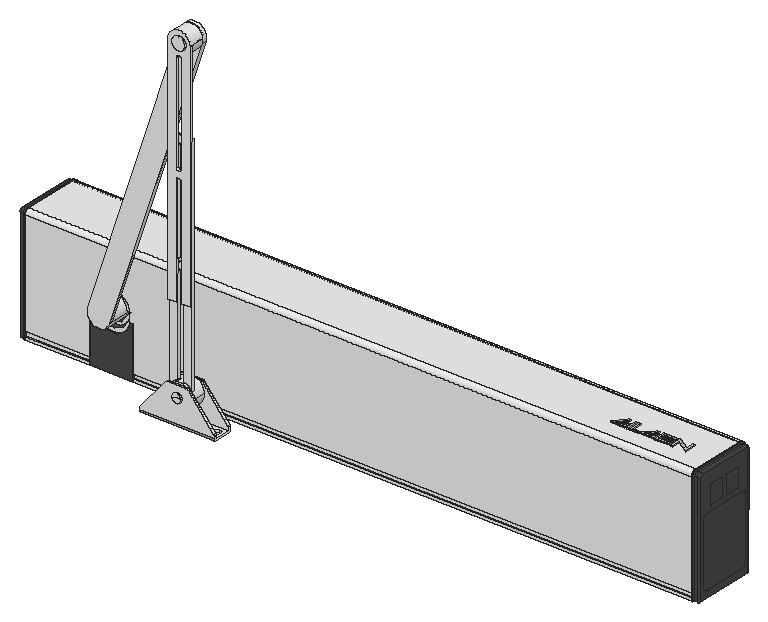
Revit family "Doors_Openers_Gilgen_Swing-Door-Drive-Unit-FD-10 Popravljena", category Generic Models, host Face, Revit 2015
Parameters (values of type "Operator FD10 - Aluminium")
  |_Vt_Dstc [instance] = if(and(Operator Body Placement                                                               I = |_Op_Pl01, or(Operator Rod Types                                                                         I = |_Op_Rd01, Operator Rod Types                                                                         I = |_Op_Rd04), (200 mm - 50 mm - Operator Body Offset) > 140 mm), 140 mm, if(and(Operator Body Placement                                                               I = |_Op_Pl01, Operator Axle Extension                                                                  I = |_Op_Ax06, or(Operator Rod Types                                                                         I = |_Op_Rd01, Operator Rod Types                                                                         I = |_Op_Rd04), (200 mm - 50 mm - Operator Body Offset) < 82 mm), 82 mm, if(and(Operator Body Placement                                                               I = |_Op_Pl01, Operator Axle Extension                                                                  I = |_Op_Ax05, or(Operator Rod Types                                                                         I = |_Op_Rd01, Operator Rod Types                                                                         I = |_Op_Rd04), (200 mm - 50 mm - Operator Body Offset) < 92 mm), 92 mm, if(and(Operator Body Placement                                                               I = |_Op_Pl01, Operator Axle Extension                                                                  I = |_Op_Ax04, or(Operator Rod Types                                                                         I = |_Op_Rd01, Operator Rod Types                                                                         I = |_Op_Rd04), (200 mm - 50 mm - Operator Body Offset) < 102 mm), 102 mm, if(and(Operator Body Placement                                                               I = |_Op_Pl01, Operator Axle Extension                                                                  I = |_Op_Ax03, or(Operator Rod Types                                                                         I = |_Op_Rd01, Operator Rod Types                                                                         I = |_Op_Rd04), (200 mm - 50 mm - Operator Body Offset) < 112 mm), 112 mm, if(and(Operator Body Placement                                                               I = |_Op_Pl01, Operator Axle Extension                                                                  I = |_Op_Ax02, or(Operator Rod Types                                                                         I = |_Op_Rd01, Operator Rod Types                                                                         I = |_Op_Rd04), (200 mm - 50 mm - Operator Body Offset) < 122 mm), 122 mm, if(and(Operator Body Placement                                                               I = |_Op_Pl01, Operator Axle Extension                                                                  I = |_Op_Ax01, or(Operator Rod Types                                                                         I = |_Op_Rd01, Operator Rod Types                                                                         I = |_Op_Rd04), (200 mm - 50 mm - Operator Body Offset) < 132 mm), 132 mm, if(and(Operator Body Placement                                                               I = |_Op_Pl02, or(Operator Rod Types                                                                         I = |_Op_Rd01, Operator Rod Types                                                                         I = |_Op_Rd04), (200 mm + Operator Body Offset) < 210 mm), 210 mm, if(and(Operator Body Placement                                                               I = |_Op_Pl02, Operator Axle Extension                                                                  I = |_Op_Ax01, or(Operator Rod Types                                                                         I = |_Op_Rd01, Operator Rod Types                                                                         I = |_Op_Rd04), (200 mm + Operator Body Offset) > 218 mm), 218 mm, if(and(Operator Body Placement                                                               I = |_Op_Pl02, Operator Axle Extension                                                                  I = |_Op_Ax02, or(Operator Rod Types                                                                         I = |_Op_Rd01, Operator Rod Types                                                                         I = |_Op_Rd04), (200 mm + Operator Body Offset) > 228 mm), 228 mm, if(and(Operator Body Placement                                                               I = |_Op_Pl02, Operator Axle Extension                                                                  I = |_Op_Ax03, or(Operator Rod Types                                                                         I = |_Op_Rd01, Operator Rod Types                                                                         I = |_Op_Rd04), (200 mm + Operator Body Offset) > 238 mm), 238 mm, if(and(Operator Body Placement                                                               I = |_Op_Pl02, Operator Axle Extension                                                                  I = |_Op_Ax04, or(Operator Rod Types                                                                         I = |_Op_Rd01, Operator Rod Types                                                                         I = |_Op_Rd04), (200 mm + Operator Body Offset) > 248 mm), 248 mm, if(and(Operator Body Placement                                                               I = |_Op_Pl02, Operator Axle Extension                                                                  I = |_Op_Ax05, or(Operator Rod Types                                                                         I = |_Op_Rd01, Operator Rod Types                                                                         I = |_Op_Rd04), (200 mm + Operator Body Offset) > 258 mm), 258 mm, if(and(Operator Body Placement                                                               I = |_Op_Pl02, Operator Axle Extension                                                                  I = |_Op_Ax06, or(Operator Rod Types                                                                         I = |_Op_Rd01, Operator Rod Types                                                                         I = |_Op_Rd04), (200 mm + Operator Body Offset) > 268 mm), 268 mm, if(and(Operator Body Placement                                                               I = |_Op_Pl01, Operator Axle Extension                                                                  I = |_Op_Ax06, Operator Rod Types                                                                         I = |_Op_Rd02), 69 mm, if(and(Operator Body Placement                                                               I = |_Op_Pl01, Operator Axle Extension                                                                  I = |_Op_Ax05, Operator Rod Types                                                                         I = |_Op_Rd02), 79 mm, if(and(Operator Body Placement                                                               I = |_Op_Pl01, Operator Axle Extension                                                                  I = |_Op_Ax04, Operator Rod Types                                                                         I = |_Op_Rd02), 89 mm, if(and(Operator Body Placement                                                               I = |_Op_Pl01, Operator Axle Extension                                                                  I = |_Op_Ax03, Operator Rod Types                                                                         I = |_Op_Rd02), 99 mm, if(and(Operator Body Placement                                                               I = |_Op_Pl01, Operator Axle
     Extension                                                                  I = |_Op_Ax02, Operator Rod Types                                                                         I = |_Op_Rd02), 109 mm, if(and(Operator Body Placement                                                               I = |_Op_Pl01, Operator Axle Extension                                                                  I = |_Op_Ax01, Operator Rod Types                                                                         I = |_Op_Rd02), 119 mm, if(and(Operator Body Placement                                                               I = |_Op_Pl02, Operator Axle Extension                                                                  I = |_Op_Ax01, Operator Rod Types                                                                         I = |_Op_Rd02), 231 mm, if(and(Operator Body Placement                                                               I = |_Op_Pl02, Operator Axle Extension                                                                  I = |_Op_Ax02, Operator Rod Types                                                                         I = |_Op_Rd02), 241 mm, if(and(Operator Body Placement                                                               I = |_Op_Pl02, Operator Axle Extension                                                                  I = |_Op_Ax03, Operator Rod Types                                                                         I = |_Op_Rd02), 251 mm, if(and(Operator Body Placement                                                               I = |_Op_Pl02, Operator Axle Extension                                                                  I = |_Op_Ax04, Operator Rod Types                                                                         I = |_Op_Rd02), 261 mm, if(and(Operator Body Placement                                                               I = |_Op_Pl02, Operator Axle Extension                                                                  I = |_Op_Ax05, Operator Rod Types                                                                         I = |_Op_Rd02), 271 mm, if(and(Operator Body Placement                                                               I = |_Op_Pl02, Operator Axle Extension                                                                  I = |_Op_Ax06, Operator Rod Types                                                                         I = |_Op_Rd02), 281 mm, if(and(Operator Body Placement                                                               I = |_Op_Pl01, Operator Axle Extension                                                                  I = |_Op_Ax06, Operator Rod Types                                                                         I = |_Op_Rd03, (200 mm - 50 mm - Operator Body Offset) < 41 mm), 41 mm, if(and(Operator Body Placement                                                               I = |_Op_Pl01, Operator Axle Extension                                                                  I = |_Op_Ax06, Operator Rod Types                                                                         I = |_Op_Rd03, (200 mm - 50 mm - Operator Body Offset) > 69 mm), 69 mm, if(and(Operator Body Placement                                                               I = |_Op_Pl01, Operator Axle Extension                                                                  I = |_Op_Ax05, Operator Rod Types                                                                         I = |_Op_Rd03, (200 mm - 50 mm - Operator Body Offset) < 51 mm), 51 mm, if(and(Operator Body Placement                                                               I = |_Op_Pl01, Operator Axle Extension                                                                  I = |_Op_Ax05, Operator Rod Types                                                                         I = |_Op_Rd03, (200 mm - 50 mm - Operator Body Offset) > 79 mm), 79 mm, if(and(Operator Body Placement                                                               I = |_Op_Pl01, Operator Axle Extension                                                                  I = |_Op_Ax04, Operator Rod Types                                                                         I = |_Op_Rd03, (200 mm - 50 mm - Operator Body Offset) < 61 mm), 61 mm, if(and(Operator Body Placement                                                               I = |_Op_Pl01, Operator Axle Extension                                                                  I = |_Op_Ax04, Operator Rod Types                                                                         I = |_Op_Rd03, (200 mm - 50 mm - Operator Body Offset) > 89 mm), 89 mm, if(and(Operator Body Placement                                                               I = |_Op_Pl01, Operator Axle Extension                                                                  I = |_Op_Ax03, Operator Rod Types                                                                         I = |_Op_Rd03, (200 mm - 50 mm - Operator Body Offset) < 71 mm), 71 mm, if(and(Operator Body Placement                                                               I = |_Op_Pl01, Operator Axle Extension                                                                  I = |_Op_Ax03, Operator Rod Types                                                                         I = |_Op_Rd03, (200 mm - 50 mm - Operator Body Offset) > 99 mm), 99 mm, if(and(Operator Body Placement                                                               I = |_Op_Pl01, Operator Axle Extension                                                                  I = |_Op_Ax02, Operator Rod Types                                                                         I = |_Op_Rd03, (200 mm - 50 mm - Operator Body Offset) < 81 mm), 81 mm, if(and(Operator Body Placement                                                               I = |_Op_Pl01, Operator Axle Extension                                                                  I = |_Op_Ax02, Operator Rod Types                                                                         I = |_Op_Rd03, (200 mm - 50 mm - Operator Body Offset) > 109 mm), 109 mm, if(and(Operator Body Placement                                                               I = |_Op_Pl01, Operator Axle Extension                                                                  I = |_Op_Ax01, Operator Rod Types                                                                         I = |_Op_Rd03, (200 mm - 50 mm - Operator Body Offset) < 91 mm), 91 mm, if(and(Operator Body Placement                                                               I = |_Op_Pl01, Operator Axle Extension                                                                  I = |_Op_Ax01, Operator Rod Types                                                                         I = |_Op_Rd03, (200 mm - 50 mm - Operator Body Offset) > 119 mm), 119 mm, if(and(Operator Body Placement                                                               I = |_Op_Pl02, Operator Axle Extension                                                                  I = |_Op_Ax01, Operator Rod Types                                                                         I = |_Op_Rd03, (200 mm + Operator Body Offset) < 231 mm), 231 mm, if(and(Operator Body Placement                                                               I = |_Op_Pl02, Operator Axle Extension                                                                  I = |_Op_Ax01, Operator Rod Types                                                                         I = |_Op_Rd03, (200 mm + Operator Body Offset) > 259 mm), 259 mm, if(and(Operator Body Placement                                                               I = |_Op_Pl02, Operator Axle Extension                                                                  I = |_Op_Ax02, Operator Rod Types                                 
                                            I = |_Op_Rd03, (200 mm + Operator Body Offset) < 241 mm), 241 mm, if(and(Operator Body Placement                                                               I = |_Op_Pl02, Operator Axle Extension                                                                  I = |_Op_Ax02, Operator Rod Types                                                                         I = |_Op_Rd03, (200 mm + Operator Body Offset) > 269 mm), 269 mm, if(and(Operator Body Placement                                                               I = |_Op_Pl02, Operator Axle Extension                                                                  I = |_Op_Ax03, Operator Rod Types                                                                         I = |_Op_Rd03, (200 mm + Operator Body Offset) < 251 mm), 251 mm, if(and(Operator Body Placement                                                               I = |_Op_Pl02, Operator Axle Extension                                                                  I = |_Op_Ax03, Operator Rod Types                                                                         I = |_Op_Rd03, (200 mm + Operator Body Offset) > 279 mm), 279 mm, if(and(Operator Body Placement                                                               I = |_Op_Pl02, Operator Axle Extension                                                                  I = |_Op_Ax04, Operator Rod Types                                                                         I = |_Op_Rd03, (200 mm + Operator Body Offset) < 261 mm), 261 mm, if(and(Operator Body Placement                                                               I = |_Op_Pl02, Operator Axle Extension                                                                  I = |_Op_Ax04, Operator Rod Types                                                                         I = |_Op_Rd03, (200 mm + Operator Body Offset) > 289 mm), 289 mm, if(and(Operator Body Placement                                                               I = |_Op_Pl02, Operator Axle Extension                                                                  I = |_Op_Ax05, Operator Rod Types                                                                         I = |_Op_Rd03, (200 mm + Operator Body Offset) < 271 mm), 271 mm, if(and(Operator Body Placement                                                               I = |_Op_Pl02, Operator Axle Extension                                                                  I = |_Op_Ax05, Operator Rod Types                                                                         I = |_Op_Rd03, (200 mm + Operator Body Offset) > 299 mm), 299 mm, if(and(Operator Body Placement                                                               I = |_Op_Pl02, Operator Axle Extension                                                                  I = |_Op_Ax06, Operator Rod Types                                                                         I = |_Op_Rd03, (200 mm + Operator Body Offset) < 281 mm), 281 mm, if(and(Operator Body Placement                                                               I = |_Op_Pl02, Operator Axle Extension                                                                  I = |_Op_Ax06, Operator Rod Types                                                                         I = |_Op_Rd03, (200 mm + Operator Body Offset) > 309 mm), 309 mm, if(Operator Body Placement                                                               I = |_Op_Pl01, (200 mm - 50 mm - Operator Body Offset), if(Operator Body Placement                                                               I = |_Op_Pl02, (200 mm + Operator Body Offset), 200 mm))))))))))))))))))))))))))))))))))))))))))))))))))))  # 140 mm
  |_Strd_To [instance] = and(Operator Body Placement                                                               I = |_Op_Pl02, Operator Rod Types                                                                         I = |_Op_Rd04)  # no
  |_Strd_Bt [instance] = and(Operator Body Placement                                                               I = |_Op_Pl01, Operator Rod Types                                                                         I = |_Op_Rd04)  # yes
  |_Slrd_To [instance] = and(Operator Body Placement                                                               I = |_Op_Pl02, not(Operator Rod Types                                                                         I = |_Op_Rd04))  # no
  |_Slrd_Lght [instance] = 783 mm  # constant formula
  |_Slrd_Lghb [instance] = 633 mm  # constant formula
  |_Slrd_Dstct [instance] = if(Operator Rod Types                                                                         I = |_Op_Rd01, 9 mm, 59 mm)  # 59 mm
  |_Slrd_Dstcb [instance] = if(and(Operator Body Placement                                                               I = |_Op_Pl01, Operator Rod Types                                                                         I = |_Op_Rd01, |_Ln_Bdpt < 281 mm, |_Ln_Bdpt > 219 mm), 70 mm, if(and(Operator Body Placement                                                               I = |_Op_Pl01, Operator Rod Types                                                                         I = |_Op_Rd01, |_Ln_Bdpt < 220 mm, |_Ln_Bdpt > 199 mm), 60 mm, if(and(Operator Body Placement                                                               I = |_Op_Pl01, Operator Rod Types                                                                         I = |_Op_Rd01, |_Ln_Bdpt < 200 mm, |_Ln_Bdpt > 169 mm), 50 mm, if(and(Operator Body Placement                                                               I = |_Op_Pl01, Operator Rod Types                                                                         I = |_Op_Rd01, |_Ln_Bdpt < 170 mm, |_Ln_Bdpt > 149 mm), 40 mm, if(and(Operator Body Placement                                                               I = |_Op_Pl01, Operator Rod Types                                                                         I = |_Op_Rd01, |_Ln_Bdpt < 130 mm, |_Ln_Bdpt > 99 mm), 30 mm, 87 mm)))))  # 87 mm
  |_Slrd_Bt [instance] = and(Operator Body Placement                                                               I = |_Op_Pl01, not(Operator Rod Types                                                                         I = |_Op_Rd04))  # no
  |_Rd_Conn02 [instance] = if(Operator Rod Types                                                                         I = |_Op_Rd03, (|_Ar_Distt - 46 mm), (|_Ar_Distt - 18 mm))  # 32 mm
  |_Rd_Conn01 [instance] = if(Operator Rod Types                                                                         I = |_Op_Rd03, (|_Ar_Distb - 46 mm), (|_Ar_Distb - 18 mm))  # 18 mm
  |_Pl_Top [instance] = Operator Body Placement                                                               I = |_Op_Pl01  # yes
  |_Pl_Bot [instance] = Operator Body Placement                                                               I = |_Op_Pl02  # no
  |_Op_Rd04 [instance] = / : Standard Rod
  |_Op_Rd03 [instance] = / : Sliding Rod (Sliding Bolt 46mm)
  |_Op_Rd02 [instance] = / : Sliding Rod (Sliding Bolt 18mm)
  |_Op_Rd01 [instance] = / : Sliding Rod
  |_Op_Pl02 [instance] = / : On Leaf
  |_Op_Pl01 [instance] = / : On Frame
  |_Op_Ax06 [instance] = / : +50 (mm)
  |_Op_Ax05 [instance] = / : +40 (mm)
  |_Op_Ax04 [instance] = / : +30 (mm)
  |_Op_Ax03 [instance] = / : +20 (mm)
  |_Op_Ax02 [instance] = / : +10 (mm)
  |_Op_Ax01 [instance] = / : +0 (mm)
  |_Ln_Bdpt [instance] = if(Operator Body Placement                                                               I = |_Op_Pl02, 250 mm, if(and(Operator Body Placement                                                               I = |_Op_Pl01, Operator Rod Types                                                                         I = |_Op_Rd01, (250 mm - Lintel Depth) > 280 mm), 280 mm, if(and(Operator Body Placement                                                               I = |_Op_Pl01, Operator Rod Types                                                                         I = |_Op_Rd01, (250 mm - Lintel Depth) < 100 mm), 100 mm, if(and(Operator Body Placement                                                               I = |_Op_Pl01, or(Operator Rod Types                                                                         I = |_Op_Rd02, Operator Rod Types                                                                         I = |_Op_Rd03), (250 mm - Lintel Depth) > 300 mm), 300 mm, if(and(Operator Body Placement                                                               I = |_Op_Pl01, or(Operator Rod Types                                                                         I = |_Op_Rd02, Operator Rod Types                                                                         I = |_Op_Rd03), (250 mm - Lintel Depth) < 100 mm), 100 mm, if(and(Operator Body Placement                                                               I = |_Op_Pl01, Operator Rod Types                                                                         I = |_Op_Rd04, (250 mm - Lintel Depth) > 250 mm), 250 mm, if(and(Operator Body Placement                                                               I = |_Op_Pl01, Operator Rod Types                                                                         I = |_Op_Rd04, (250 mm - Lintel Depth) < 0 mm), 0 mm, 250 mm - Lintel Depth)))))))  # 250 mm
  |_Ln_Adpt [instance] = if(Operator Body Placement                                                               I = |_Op_Pl01, 250 mm, if(and(Operator Body Placement                                                               I = |_Op_Pl02, or(Operator Rod Types                                                                         I = |_Op_Rd01, Operator Rod Types                                                                         I = |_Op_Rd02, Operator Rod Types                                                                         I = |_Op_Rd03), (250 mm - Lintel Depth) > 300 mm), 300 mm, if(and(Operator Body Placement                                                               I = |_Op_Pl02, or(Operator Rod Types                                                                         I = |_Op_Rd01, Operator Rod Types                                                                         I = |_Op_Rd02, Operator Rod Types                                                                         I = |_Op_Rd03), (250 mm - Lintel Depth) < 50 mm), 50 mm, if(and(Operator Body Placement                                                               I = |_Op_Pl02, Operator Rod Types                                                                         I = |_Op_Rd04, (250 mm - Lintel Depth) > 300 mm), 300 mm, if(and(Operator Body Placement                                                               I = |_Op_Pl02, Operator Rod Types                                                                         I = |_Op_Rd04, (250 mm - Lintel Depth) < 50 mm), 50 mm, 250 mm - Lintel Depth)))))  # 250 mm
  |_Hz_Dstc [instance] = if(and(Operator Body Placement                                                               I = |_Op_Pl01, Operator Rod Types                                                                         I = |_Op_Rd01, |_Ln_Bdpt < 130 mm), 190 mm, if(and(Operator Body Placement                                                               I = |_Op_Pl01, Operator Rod Types                                                                         I = |_Op_Rd01, |_Ln_Bdpt < 170 mm), 180 mm, if(and(Operator Body Placement                                                               I = |_Op_Pl01, Operator Rod Types                                                                         I = |_Op_Rd01, |_Ln_Bdpt < 200 mm), 170 mm, if(and(Operator Body Placement                                                               I = |_Op_Pl01, or(Operator Rod Types                                                                         I = |_Op_Rd02, Operator Rod Types                                                                         I = |_Op_Rd03)), 100 mm, if(and(Operator Body Placement                                                               I = |_Op_Pl01, Operator Rod Types                                                                         I = |_Op_Rd04), 100 mm, if(and(Operator Body Placement                                                               I = |_Op_Pl02, Operator Rod Types                                                                         I = |_Op_Rd01), 170 mm, if(and(Operator Body Placement                                                               I = |_Op_Pl02, or(Operator Rod Types                                                                         I = |_Op_Rd02, Operator Rod Types                                                                         I = |_Op_Rd03)), 150 mm, if(and(Operator Body Placement                                                               I = |_Op_Pl02, Operator Rod Types                                                                         I = |_Op_Rd04), 170 mm, 160 mm))))))))  # 100 mm
  |_Bd_Ang [instance] = if(or(Operator Body Placement                                                               I = |_Op_Pl01, Leaf Opening Angle < 0.00°), 0.00°, if(and(Operator Body Placement                                                               I = |_Op_Pl02, or(Operator Rod Types                                                                         I = |_Op_Rd02, Operator Rod Types                                                                         I = |_Op_Rd03), |_Ln_Adpt < 301 mm, |_Ln_Adpt > 199 mm, Leaf Opening Angle > 100.00°), 100.00°, if(and(Operator Body Placement                                                               I = |_Op_Pl02, or(Operator Rod Types                                                                         I = |_Op_Rd02, Operator Rod Types                                                                         I = |_Op_Rd03), |_Ln_Adpt < 201 mm, |_Ln_Adpt > 89 mm, Leaf Opening Angle > 95.00°), 95.00°, if(and(Operator Body Placement                                                               I = |_Op_Pl02, or(Operator Rod Types                                                                         I = |_Op_Rd02, Operator Rod Types                                                                         I = |_Op_Rd03), |_Ln_Adpt < 200 mm, |_Ln_Adpt > 49 mm, Leaf Opening Angle > 90.00°), 90.00°, if(Leaf Opening Angle > 105.00°, 105.00°, Leaf Opening Angle)))))  # 0.00°
  |_Ar_Tryb [instance] = if((Leaf Thickness * cos(|_Ar_Ang)) < 0 mm, 0 mm, Leaf Thickness * cos(|_Ar_Ang))  # 50 mm
  |_Ar_Trya [instance] = if(|_Ar_Ang > 90.00°, Leaf Thickness / cos(|_Ar_Ang - 90.00°), Leaf Thickness * sin(|_Ar_Ang))  # 0 mm
  |_Ar_Distt [instance] = if(and(Operator Body Placement                                                               I = |_Op_Pl02, Operator Axle Extension                                                                  I = |_Op_Ax01, or(Operator Rod Types                                                                         I = |_Op_Rd01, Operator Rod Types                                                                         I = |_Op_Rd02)), 40 mm, if(and(Operator Body Placement                                                               I = |_Op_Pl02, Operator Axle Extension                                                                  I = |_Op_Ax02, or(Operator Rod Types                                                                         I = |_Op_Rd01, Operator Rod Types                                                                         I = |_Op_Rd02)), 50 mm, if(and(Operator Body Placement                                                               I = |_Op_Pl02, Operator Axle Extension                                                                  I = |_Op_Ax03, or(Operator Rod Types                                                                         I = |_Op_Rd01, Operator Rod Types                                                                         I = |_Op_Rd02)), 60 mm, if(and(Operator Body Placement                                                               I = |_Op_Pl02, Operator Axle Extension                                                                  I = |_Op_Ax04, or(Operator Rod Types                                                                         I = |_Op_Rd01, Operator Rod Types                                                                         I = |_Op_Rd02)), 70 mm, if(and(Operator Body Placement                                                               I = |_Op_Pl02, Operator Axle Extension                                                                  I = |_Op_Ax05, or(Operator Rod Types                                                                         I = |_Op_Rd01, Operator Rod Types                                                                         I = |_Op_Rd02)), 80 mm, if(and(Operator Body Placement                                                               I = |_Op_Pl02, Operator Axle Extension                                                                  I = |_Op_Ax06, or(Operator Rod Types                                                                         I = |_Op_Rd01, Operator Rod Types                                                                         I = |_Op_Rd02)), 90 mm, if(and(Operator Body Placement                                                               I = |_Op_Pl02, Operator Axle Extension                                                                  I = |_Op_Ax01, Operator Rod Types                                                                         I = |_Op_Rd03), 68 mm, if(and(Operator Body Placement                                                               I = |_Op_Pl02, Operator Axle Extension                                                                  I = |_Op_Ax02, Operator Rod Types                                                                         I = |_Op_Rd03), 78 mm, if(and(Operator Body Placement                                                               I = |_Op_Pl02, Operator Axle Extension                                                                  I = |_Op_Ax03, Operator Rod Types                                                                         I = |_Op_Rd03), 88 mm, if(and(Operator Body Placement                                                               I = |_Op_Pl02, Operator Axle Extension                                                                  I = |_Op_Ax04, Operator Rod Types                                                                         I = |_Op_Rd03), 98 mm, if(and(Operator Body Placement                                                               I = |_Op_Pl02, Operator Axle Extension                                                                  I = |_Op_Ax05, Operator Rod Types                                                                         I = |_Op_Rd03), 108 mm, if(and(Operator Body Placement                                                               I = |_Op_Pl02, Operator Axle Extension                                                                  I = |_Op_Ax06, Operator Rod Types                                                                         I = |_Op_Rd03), 118 mm, if(and(Operator Body Placement                                                               I = |_Op_Pl02, Operator Axle Extension                                                                  I = |_Op_Ax01, Operator Rod Types                                                                         I = |_Op_Rd04), 36 mm, if(and(Operator Body Placement                                                               I = |_Op_Pl02, Operator Axle Extension                                                                  I = |_Op_Ax02, Operator Rod Types                                                                         I = |_Op_Rd04), 46 mm, if(and(Operator Body Placement                                                               I = |_Op_Pl02, Operator Axle Extension                                                                  I = |_Op_Ax03, Operator Rod Types                                                                         I = |_Op_Rd04), 56 mm, if(and(Operator Body Placement                                                               I = |_Op_Pl02, Operator Axle Extension                                                                  I = |_Op_Ax04, Operator Rod Types                                                                         I = |_Op_Rd04), 66 mm, if(and(Operator Body Placement                                                               I = |_Op_Pl02, Operator Axle Extension                                                                  I = |_Op_Ax05, Operator Rod Types                                                                         I = |_Op_Rd04), 76 mm, if(and(Operator Body Placement                                                               I = |_Op_Pl02, Operator Axle Extension                                                                  I = |_Op_Ax06, Operator Rod Types                                                                         I = |_Op_Rd04), 86 mm, 50 mm))))))))))))))))))  # 50 mm
  |_Ar_Distb [instance] = if(and(Operator Body Placement                                                               I = |_Op_Pl01, Operator Axle Extension                                                                  I = |_Op_Ax01, Operator Rod Types                                                                         I = |_Op_Rd01), 40 mm, if(and(Operator Body Placement                                                               I = |_Op_Pl01, Operator Axle Extension                                                                  I = |_Op_Ax02, Operator Rod Types                                                                         I = |_Op_Rd01), 50 mm, if(and(Operator Body Placement                                                               I = |_Op_Pl01, Operator Axle Extension                                                                  I = |_Op_Ax03, Operator Rod Types                                                                         I = |_Op_Rd01), 60 mm, if(and(Operator Body Placement                                                               I = |_Op_Pl01, Operator Axle Extension                                                                  I = |_Op_Ax04, Operator Rod Types                                                                         I = |_Op_Rd01), 70 mm, if(and(Operator Body Placement                                                               I = |_Op_Pl01, Operator Axle Extension                                                                  I = |_Op_Ax05, Operator Rod Types                                                                         I = |_Op_Rd01), 80 mm, if(and(Operator Body Placement                                                               I = |_Op_Pl01, Operator Axle Extension                                                                  I = |_Op_Ax06, Operator Rod Types                                                                         I = |_Op_Rd01), 90 mm, if(and(Operator Body Placement                                                               I = |_Op_Pl01, Operator Axle Extension                                                                  I = |_Op_Ax01, Operator Rod Types                                                                         I = |_Op_Rd02), 53 mm, if(and(Operator Body Placement                                                               I = |_Op_Pl01, Operator Axle Extension                                                                  I = |_Op_Ax02, Operator Rod Types                                                                         I = |_Op_Rd02), 63 mm, if(and(Operator Body Placement                                                               I = |_Op_Pl01, Operator Axle Extension                                                                  I = |_Op_Ax03, Operator Rod Types                                                                         I = |_Op_Rd02), 73 mm, if(and(Operator Body Placement                                                               I = |_Op_Pl01, Operator Axle Extension                                                                  I = |_Op_Ax04, Operator Rod Types                                                                         I = |_Op_Rd02), 83 mm, if(and(Operator Body Placement                                                               I = |_Op_Pl01, Operator Axle Extension                                                                  I = |_Op_Ax05, Operator Rod Types                                                                         I = |_Op_Rd02), 93 mm, if(and(Operator Body Placement                                                               I = |_Op_Pl01, Operator Axle Extension                                                                  I = |_Op_Ax06, Operator Rod Types                                                                         I = |_Op_Rd02), 103 mm, if(and(Operator Body Placement                                                               I = |_Op_Pl01, Operator Axle Extension                                                                  I = |_Op_Ax01, Operator Rod Types                                                                         I = |_Op_Rd03), 81 mm, if(and(Operator Body Placement                                                               I = |_Op_Pl01, Operator Axle Extension                                                                  I = |_Op_Ax02, Operator Rod Types                                                                         I = |_Op_Rd03), 91 mm, if(and(Operator Body Placement                                                               I = |_Op_Pl01, Operator Axle Extension                                                                  I = |_Op_Ax03, Operator Rod Types                                                                         I = |_Op_Rd03), 101 mm, if(and(Operator Body Placement                                                               I = |_Op_Pl01, Operator Axle Extension                                                                  I = |_Op_Ax04, Operator Rod Types                                                                         I = |_Op_Rd03), 111 mm, if(and(Operator Body Placement                                                               I = |_Op_Pl01, Operator Axle Extension                                                                  I = |_Op_Ax05, Operator Rod Types                                                                         I = |_Op_Rd03), 121 mm, if(and(Operator Body Placement                                                               I = |_Op_Pl01, Operator Axle Extension                                                                  I = |_Op_Ax06, Operator Rod Types                                                                         I = |_Op_Rd03), 131 mm, if(and(Operator Body Placement                                                               I = |_Op_Pl01, Operator Axle Extension                                                                  I = |_Op_Ax01, Operator Rod Types                                                                         I = |_Op_Rd04), 36 mm, if(and(Operator Body Placement                                                               I = |_Op_Pl01, Operator Axle Extension                                                                  I = |_Op_Ax02, Operator Rod Types                                                                         I = |_Op_Rd04), 46 mm, if(and(Operator Body Placement                                                               I = |_Op_Pl01, Operator Axle Extension                                                                  I = |_Op_Ax03, Operator Rod Types                                                                         I = |_Op_Rd04), 56 mm, if(and(Operator Body Placement                                                               I = |_Op_Pl01, Operator Axle Extension                                                                  I = |_Op_Ax04, Operator Rod Types                                                                         I = |_Op_Rd04), 66 mm, if(and(Operator Body Placement                                                               I = |_Op_Pl01, Operator Axle Extension                                                                  I = |_Op_Ax05, Operator Rod Types                                                                         I = |_Op_Rd04), 76 mm, if(and(Operator Body Placement                                                               I = |_Op_Pl01, Operator Axle Extension                                                                  I = |_Op_Ax06, Operator Rod Types                                                                         I = |_Op_Rd04), 86 mm, 50 mm))))))))))))))))))))))))  # 36 mm
  |_Ar_Ang [instance] = if(or(Operator Body Placement                                                               I = |_Op_Pl02, Leaf Opening Angle < 0.00°), 0.00°, if(and(Operator Body Placement                                                               I = |_Op_Pl01, Operator Rod Types                                                                         I = |_Op_Rd01, |_Ln_Bdpt < 281 mm, |_Ln_Bdpt > 149 mm, Leaf Opening Angle > 105.00°), 105.00°, if(and(Operator Body Placement                                                               I = |_Op_Pl01, Operator Rod Types                                                                         I = |_Op_Rd01, |_Ln_Bdpt < 150 mm, |_Ln_Bdpt > 129 mm, Leaf Opening Angle > 100.00°), 100.00°, if(and(Operator Body Placement                                                               I = |_Op_Pl01, Operator Rod Types                                                                         I = |_Op_Rd01, |_Ln_Bdpt < 130 mm, |_Ln_Bdpt > 99 mm, Leaf Opening Angle > 95.00°), 95.00°, if(Leaf Opening Angle > 105.00°, 105.00°, Leaf Opening Angle)))))  # 0.00°
  |_Add_Ang [instance] = if(and(Operator Body Placement                                                               I = |_Op_Pl01, Operator Rod Types                                                                         I = |_Op_Rd04), asin(100 / 321) + (|_Ar_Ang * 1.0476), asin(100 / 400) + (|_Bd_Ang * 1.3095))  # 18.1512°
  x [instance] = if(|_Add_Ang = asin(100 / 400) + (|_Bd_Ang * 1.3095), 400 mm, 321 mm)  # 321 mm
  URL = "https://www.gilgendoorsystems.com/en"
  Type Comments = "Gilgen Door Operator FD10, with aluminium covering"
  Rod Type [instance] = if(Operator Rod Types                                                                         I = |_Op_Rd01, "Sliding Rod", if(Operator Rod Types                                                                         I = |_Op_Rd02, "Sliding Rod with 18mm sliding bolt", if(Operator Rod Types                                                                         I = |_Op_Rd03, "Sliding Rod with 46mm sliding bolt", if(Operator Rod Types                                                                         I = |_Op_Rd04, "Standard Rod", "None"))))  # "Standard Rod"
  Product data url = "https://bimobject.com/gilgen/product/FD_10"
  Product Material = Metal - Gilgen - Aluminium Satin
  Product Guid = "ad6d4fb3-5188-4a42-9f31-05ed5f2be77f"
  Operator Rod Types                                                                         I [instance] = / : Standard Rod
  Operator Function [instance] = if(Operator Body Placement                                                               I = |_Op_Pl01, "Push", if(Operator Body Placement                                                               I = |_Op_Pl02, "Pull", "None"))  # "Push"
  Operator Body Placement                                                               I [instance] = / : On Frame
  Operator Body Offset Restriction [instance] = if(and(or(Operator Body Placement                                                               I = |_Op_Pl01, Operator Body Placement                                                               I = |_Op_Pl02), Operator Axle Extension                                                                  I = |_Op_Ax06, or(Operator Rod Types                                                                         I = |_Op_Rd01, Operator Rod Types                                                                         I = |_Op_Rd04)), "From 10mm To 68mm", if(and(or(Operator Body Placement                                                               I = |_Op_Pl01, Operator Body Placement                                                               I = |_Op_Pl02), Operator Axle Extension                                                                  I = |_Op_Ax05, or(Operator Rod Types                                                                         I = |_Op_Rd01, Operator Rod Types                                                                         I = |_Op_Rd04)), "From 10mm To 58mm", if(and(or(Operator Body Placement                                                               I = |_Op_Pl01, Operator Body Placement                                                               I = |_Op_Pl02), Operator Axle Extension                                                                  I = |_Op_Ax04, or(Operator Rod Types                                                                         I = |_Op_Rd01, Operator Rod Types                                                                         I = |_Op_Rd04)), "From 10mm To 48mm", if(and(or(Operator Body Placement                                                               I = |_Op_Pl01, Operator Body Placement                                                               I = |_Op_Pl02), Operator Axle Extension                                                                  I = |_Op_Ax03, or(Operator Rod Types                                                                         I = |_Op_Rd01, Operator Rod Types                                                                         I = |_Op_Rd04)), "From 10mm To 38mm", if(and(or(Operator Body Placement                                                               I = |_Op_Pl01, Operator Body Placement                                                               I = |_Op_Pl02), Operator Axle Extension                                                                  I = |_Op_Ax02, or(Operator Rod Types                                                                         I = |_Op_Rd01, Operator Rod Types                                                                         I = |_Op_Rd04)), "From 10mm To 28mm", if(and(or(Operator Body Placement                                                               I = |_Op_Pl01, Operator Body Placement                                                               I = |_Op_Pl02), Operator Axle Extension                                                                  I = |_Op_Ax01, or(Operator Rod Types                                                                         I = |_Op_Rd01, Operator Rod Types                                                                         I = |_Op_Rd04)), "From 10mm To 18mm", if(and(or(Operator Body Placement                                                               I = |_Op_Pl01, Operator Body Placement                                                               I = |_Op_Pl02), Operator Axle Extension                                                                  I = |_Op_Ax06, Operator Rod Types                                                                         I = |_Op_Rd02), "Only 81mm", if(and(or(Operator Body Placement                                                               I = |_Op_Pl01, Operator Body Placement                                                               I = |_Op_Pl02), Operator Axle Extension                                                                  I = |_Op_Ax05, Operator Rod Types                                                                         I = |_Op_Rd02), "Only 71mm", if(and(or(Operator Body Placement                                                               I = |_Op_Pl01, Operator Body Placement                                                               I = |_Op_Pl02), Operator Axle Extension                                                                  I = |_Op_Ax04, Operator Rod Types                                                                         I = |_Op_Rd02), "Only 61mm", if(and(or(Operator Body Placement                                                               I = |_Op_Pl01, Operator Body Placement                                                               I = |_Op_Pl02), Operator Axle Extension                                                                  I = |_Op_Ax03, Operator Rod Types                                                                         I = |_Op_Rd02), "Only 51mm", if(and(or(Operator Body Placement                                                               I = |_Op_Pl01, Operator Body Placement                                                               I = |_Op_Pl02), Operator Axle Extension                                                                  I = |_Op_Ax02, Operator Rod Types                                                                         I = |_Op_Rd02), "Only 41mm", if(and(or(Operator Body Placement                                                               I = |_Op_Pl01, Operator Body Placement                                                               I = |_Op_Pl02), Operator Axle Extension                                                                  I = |_Op_Ax01, Operator Rod Types                                                                         I = |_Op_Rd02), "Only 31mm", if(and(or(Operator Body Placement                                                               I = |_Op_Pl01, Operator Body Placement                                                               I = |_Op_Pl02), Operator Axle Extension                                                                  I = |_Op_Ax06, Operator Rod Types                                                                         I = |_Op_Rd03), "From 81mm To 109mm", if(and(or(Operator Body Placement                                                               I = |_Op_Pl01, Operator Body Placement                                                               I = |_Op_Pl02), Operator Axle Extension                                                                  I = |_Op_Ax05, Operator Rod Types                                                                         I = |_Op_Rd03), "From 71mm To 99mm", if(and(or(Operator Body Placement                                                               I = |_Op_Pl01, Operator Body Placement                                                               I = |_Op_Pl02), Operator Axle Extension                                                                  I = |_Op_Ax04, Operator Rod Types                                                                         I = |_Op_Rd03), "From 61mm To 89mm", if(and(or(Operator Body Placement                                                               I = |_Op_Pl01, Operator Body Placement                                                               I = |_Op_Pl02), Operator Axle Extension                                                                  I = |_Op_Ax03, Operator Rod Types                                                                         I = |_Op_Rd03), "From 51mm To 79mm", if(and(or(Operator Body Placement                                                               I = |_Op_Pl01, Operator Body Placement                                                               I = |_Op_Pl02), Operat
    or Axle Extension                                                                  I = |_Op_Ax02, Operator Rod Types                                                                         I = |_Op_Rd03), "From 41mm To 69mm", if(and(or(Operator Body Placement                                                               I = |_Op_Pl01, Operator Body Placement                                                               I = |_Op_Pl02), Operator Axle Extension                                                                  I = |_Op_Ax01, Operator Rod Types                                                                         I = |_Op_Rd03), "From 31mm To 59mm", "None"))))))))))))))))))  # "From 10mm To 18mm"
  Operator Body Offset [instance] = 10 mm
  Operator Assembly [instance] = if(and(Operator Body Placement                                                               I = |_Op_Pl01, Operator Rod Types                                                                         I = |_Op_Rd01), "Operator with Sliding Rod, placed on door frame or wall above the door frame", if(and(Operator Body Placement                                                               I = |_Op_Pl01, Operator Rod Types                                                                         I = |_Op_Rd02), "Operator with Sliding Rod and 18mm sliding bolt, placed on door frame or wall above the door frame", if(and(Operator Body Placement                                                               I = |_Op_Pl01, Operator Rod Types                                                                         I = |_Op_Rd03), "Operator with Sliding Rod and 46mm sliding bolt, placed on door frame or wall above the door frame", if(and(Operator Body Placement                                                               I = |_Op_Pl01, Operator Rod Types                                                                         I = |_Op_Rd04), "Operator with Standard Rod, placed on door frame or wall above the door frame", if(and(Operator Body Placement                                                               I = |_Op_Pl02, Operator Rod Types                                                                         I = |_Op_Rd01), "Operator with Sliding Rod, placed on door leaf", if(and(Operator Body Placement                                                               I = |_Op_Pl02, Operator Rod Types                                                                         I = |_Op_Rd02), "Operator with Sliding Rod and 18mm sliding bolt, placed on door leaf", if(and(Operator Body Placement                                                               I = |_Op_Pl02, Operator Rod Types                                                                         I = |_Op_Rd03), "Operator with Sliding Rod and 46mm sliding bolt, placed on door leaf", if(and(Operator Body Placement                                                               I = |_Op_Pl02, Operator Rod Types                                                                         I = |_Op_Rd04), "Operator with Standard Rod, placed on door leaf", "None"))))))))  # "Operator with Standard Rod, placed on door frame or wall above the door frame"
  Model = "Door Operator FD10"  # constant formula
  Manufacturer = "Gilgen"  # constant formula
  Lintel Depth Restriction [instance] = if(and(Operator Body Placement                                                               I = |_Op_Pl01, Operator Rod Types                                                                         I = |_Op_Rd01), "From -30mm To +150mm", if(and(Operator Body Placement                                                               I = |_Op_Pl01, or(Operator Rod Types                                                                         I = |_Op_Rd02, Operator Rod Types                                                                         I = |_Op_Rd03)), "From -50mm To +150mm", if(and(Operator Body Placement                                                               I = |_Op_Pl01, Operator Rod Types                                                                         I = |_Op_Rd04), "From 0mm To +250mm", if(and(Operator Body Placement                                                               I = |_Op_Pl02, Operator Rod Types                                                                         I = |_Op_Rd01), "From 0mm To +90mm", if(and(Operator Body Placement                                                               I = |_Op_Pl02, or(Operator Rod Types                                                                         I = |_Op_Rd02, Operator Rod Types                                                                         I = |_Op_Rd03)), "From -50mm To +200mm", if(and(Operator Body Placement                                                               I = |_Op_Pl02, Operator Rod Types                                                                         I = |_Op_Rd04), "From -50mm To +200mm", "None"))))))  # "From 0mm To +250mm"
  Lintel Depth [instance] = 0 mm
  Leaf Thickness Restriction [instance] = "Determines Opening Angle Axis Distance"  # constant formula
  Leaf Thickness [instance] = 50 mm
  Leaf Opening Angle Restriction [instance] = if(and(Operator Body Placement                                                               I = |_Op_Pl01, Operator Rod Types                                                                         I = |_Op_Rd01, |_Ln_Bdpt < 130 mm), "Up To 95°", if(and(Operator Body Placement                                                               I = |_Op_Pl01, Operator Rod Types                                                                         I = |_Op_Rd01, |_Ln_Bdpt < 150 mm), "Up To 100°", if(and(Operator Body Placement                                                               I = |_Op_Pl01, Operator Rod Types                                                                         I = |_Op_Rd01, |_Ln_Bdpt < 281 mm), "Up To 105°", if(and(Operator Body Placement                                                               I = |_Op_Pl02, or(Operator Rod Types                                                                         I = |_Op_Rd02, Operator Rod Types                                                                         I = |_Op_Rd03), |_Ln_Adpt < 90 mm), "Up To 90°", if(and(Operator Body Placement                                                               I = |_Op_Pl02, or(Operator Rod Types                                                                         I = |_Op_Rd02, Operator Rod Types                                                                         I = |_Op_Rd03), |_Ln_Adpt < 200 mm), "Up To 95°", if(and(Operator Body Placement                                                               I = |_Op_Pl02, or(Operator Rod Types                                                                         I = |_Op_Rd02, Operator Rod Types                                                                         I = |_Op_Rd03), |_Ln_Adpt < 301 mm), "Up To 100°", "Up To 105°"))))))  # "Up To 105°"
  Leaf Opening Angle [instance] = 0.00°
  Keynote = "08700"
  Edition number = 1
  Description = ""
  Default Elevation = 0 mm  # constant formula
  Operator Axle Extension                                                                  I [instance] = / : +0 (mm)
  Assembly Code = "E10"
  Article Number [instance] = if(Operator Axle Extension                                                                  I = |_Op_Ax01, "Standard", if(Operator Axle Extension                                                                  I = |_Op_Ax02, "0548-190", if(Operator Axle Extension                                                                  I = |_Op_Ax03, "0548-191", if(Operator Axle Extension                                                                  I = |_Op_Ax04, "0548-192", if(Operator Axle Extension                                                                  I = |_Op_Ax05, "0548-193", if(Operator Axle Extension                                                                  I = |_Op_Ax06, "0548-194", "None"))))))  # "Standard"
  Alignment Symbol [instance] = yes
Reference planes
  plane 1 "Center (Front/Back)": y = 0
  plane 2: z = 0
  plane 3 "Center (Left/Right)": x = 0
  plane 4 "Operator Axis": y = 35
  plane 5: y = 60
  plane 6 "Vertical Position Start Point": y = 200
  plane 7: y = 10
  plane 8: z = 250
  plane 9 "Body Placement": z = 0
  plane 10 "Arm Placement": z = -50
  plane 11 "Distance Bottom": y = -26
  plane 12 "Distance Top": y = 110
  plane 13: z = 0
  plane 14: x = 0
  plane 15: z = 0
  plane 16: y = -8
  plane 17: y = 92
  plane 18: x = -100
  plane 19: x = 1000
  plane 20: y = 210
  plane 21: y = -400
  plane 22: y = 25
  plane 23: x = -25
  plane 24: y = 50
  plane 25: x = -50
Forms (mm)
  Extrusion 1, solid, material "Metal - Gilgen - Aluminium Satin", visible <- "|_Slrd_Bt"
    sketch origin (0, -26, 1219.2) x (-1, 0, 0) y (0, 0, 1)
      loop
        circle (-597.443, -1206.7) r 10
    from -5 to 5
  Extrusion 2, solid, material "Metal - Gilgen - Aluminium Satin", visible <- "|_Slrd_Bt"
    sketch origin (0, -26, 1219.2) x (-1, 0, 0) y (0, 0, 1)
      loop
        circle (-597.443, -1206.7) r 5
    from 0 to 18
  Extrusion 3, solid, material "Metal - Gilgen - Aluminium Satin", visible <- "|_Slrd_To"
    sketch origin (0, 110, 1219.2) x (-1, 0, 0) y (0, 0, 1)
      loop
        circle (-597.443, -1206.7) r 10
    from -5 to 5
  Extrusion 4, solid, material "Metal - Gilgen - Aluminium Satin", visible <- "|_Slrd_To"
    sketch origin (0, 110, 1219.2) x (-1, 0, 0) y (0, 0, 1)
      loop
        circle (-597.443, -1206.7) r 5
    from 0 to -18
Cuts and joins
  joined: Extrusion 1, Extrusion 2
  joined: Extrusion 3, Extrusion 4
Lines and regions (mm)
  reference lines, not visible
    curve 1: line (0, 35, 0) -> (1120, 35, 0)
    curve 2: line (100, 35, 0) -> (100, 35, 150)
    curve 3: line (100, 35, 63) -> (290, 35, 63)
    curve 4: line (0, 35, 0) -> (1200, 35, 0)
    curve 5: line (0, 35, 0) -> (0, 35, 40)
    curve 6: line (59, 35, 0) -> (59, 35, 40)
    curve 7: line (87, 35, 0) -> (87, 35, 40)
    curve 8: line (100, 35, 0) -> (100, 35, 40)
    curve 9: line (200, 35, 0) -> (200, 35, 75)
    curve 10: line (1200, 35, 12.5) -> (0, 35, 12.5)
    curve 11: line (100, 35, 63) -> (597.443, 35, 12.5)
    curve 12: line (100, 35, 63) -> (111.11, 35, 172.438)
    curve 13: line (100, 35, 63) -> (200, 35, 368.026)
    curve 14: line (200, 35, 28) -> (325, 35, 28)
    curve 15: line (100, 35, 63) -> (28.732, 35, 86.364)
    curve 16: line (200, 35, 368.026) -> (128.732, 35, 391.391)
    curve 17: line (200, 35, 28) -> (200, 35, 368.026)
    curve 18: line (200, 35, 368.026) -> (280, 35, 368.026)
    curve 19: line (200, -26, 28) -> (280, -26, 28)
  symbolic lines, style "Gilgen Lines", visible <- "Alignment Symbol"
    curve 20: line (1000, 0, 0) -> (-100, 0, 0)
    curve 21: line (0, 210, 0) -> (0, -400, 0)
Dimensions and locks
  locked: plane 5 to plane 4 "Operator Axis" at 25
  locked: plane 1 "Center (Front/Back)" to plane 6 "Vertical Position Start Point" at 200
  "|_Vt_Dstc": plane 6 "Vertical Position Start Point" to plane 5
  locked: plane 4 "Operator Axis" to plane 7 at 25
  plane 8 to plane 2 = 250 mm
  "|_Ln_Bdpt": plane 8 to plane 9 "Body Placement"
  "|_Hz_Dstc": curve 2 to curve 1
  locked: curve 1 to curve 3 at 63
  "|_Ln_Adpt": plane 8 to plane 13
  "|_Ar_Distt": plane 12 "Distance Top" to plane 5
  "|_Ar_Distb": plane 11 "Distance Bottom" to plane 7
  "Leaf Thickness": plane 13 to plane 10 "Arm Placement"
  "|_Ar_Trya": plane 14 to plane 3 "Center (Left/Right)"
  "|_Ar_Tryb": plane 15 to plane 10 "Arm Placement"
  "|_Slrd_Dstct": curve 6 to curve 5
  "|_Slrd_Dstcb": curve 7 to curve 5
  "|_Hz_Dstc": curve 8 to curve 5
  locked: curve 9 to curve 8 at 100
  locked: curve 4 to curve 10 at 12.5
  locked: curve 11 to curve 11 at 500
  "|_Rd_Conn01": plane 16 to plane 7
  "|_Rd_Conn02": plane 17 to plane 5
  "x": curve 13 to curve 13
  locked: curve 14 to curve 10 at 15.5
  "x": curve 16 to curve 15
  locked: plane 18 to plane 3 "Center (Left/Right)" at 100
  locked: plane 14 to plane 19 at 1000
  locked: plane 20 to plane 12 "Distance Top" at 100
  locked: plane 20 to plane 21 at 610
  locked: plane 23 to plane 3 "Center (Left/Right)" at 25
  locked: plane 22 to plane 1 "Center (Front/Back)" at 25
  locked: plane 24 to plane 22 at 25
  locked: plane 25 to plane 23 at 25
  "|_Bd_Ang": angle plane 9 "Body Placement" to curve 1
  locked: curve 1 to curve 2 (angle 90.00°)
  locked: curve 2 to curve 3 (angle 90.00°)
  "|_Bd_Ang": angle plane 9 "Body Placement" to nested 1
  "|_Ar_Ang": angle curve 4 to plane 15
  locked: curve 4 to curve 5 (angle 90.00°)
  locked: curve 4 to curve 6 (angle 90.00°)
  locked: curve 4 to curve 7 (angle 90.00°)
  locked: curve 4 to curve 8 (angle 90.00°)
  locked: curve 4 to curve 9 (angle 90.00°)
  "|_Ar_Ang": angle nested 2 to plane 15
  "|_Ar_Ang": angle nested 3 to plane 15
  locked: curve 10 to curve 5 (angle 90.00°)
  "|_Ar_Ang": angle nested 4 to plane 15
  "|_Ar_Ang": angle nested 5 to plane 15
  locked: curve 11 to curve 12 (angle 90.00°)
  locked: nested 6 to curve 12 (angle 90.00°)
  locked: curve 12 to nested 7 (angle 90.00°)
  "|_Add_Ang": angle curve 13 to curve 2
  locked: curve 14 to curve 9 (angle 90.00°)
  locked: curve 13 to curve 15 (angle 90.00°)
  "|_Add_Ang": angle nested 8 to curve 2
  "|_Add_Ang": angle curve 2 to nested 9
  locked: curve 16 to curve 13 (angle 90.00°)
  locked: curve 17 to curve 18 (angle 90.00°)
  locked: nested 10 to curve 18 (angle 90.00°)
  locked: curve 18 to nested 11 (angle 90.00°)
  locked: curve 19 to curve 17 (angle 90.00°)
  locked: curve 19 to nested 12 (angle 90.00°)
  locked: nested 13 to curve 19 (angle 90.00°)
  aligned and locked: plane 2 to host face
  aligned and locked: level to host face
  aligned and locked: plane 9 "Body Placement" to curve 1
  aligned and locked: plane 3 "Center (Left/Right)" to curve 1
  aligned and locked: nested 1 to curve 1
  aligned and locked: nested 1 to curve 2
  aligned and locked: plane 15 to curve 5
  aligned and locked: plane 14 to curve 5
  aligned and locked: curve 7 to nested 2
  aligned and locked: curve 4 to nested 2
  aligned and locked: curve 6 to nested 3
  aligned and locked: curve 4 to nested 3
  aligned and locked: curve 11 to curve 3
  aligned and locked: curve 11 to Extrusion 1 sketch curve
  aligned and locked: curve 10 to Extrusion 1 sketch curve
  aligned and locked: Extrusion 2 sketch curve to curve 10
  aligned and locked: Extrusion 2 sketch curve to curve 11
  aligned and locked: Extrusion 3 sketch curve to curve 10
  aligned and locked: Extrusion 3 sketch curve to curve 11
  aligned and locked: Extrusion 4 sketch curve to curve 10
  aligned and locked: Extrusion 4 sketch curve to curve 11
  aligned and locked: curve 9 to nested 4
  aligned and locked: nested 4 to curve 4
  aligned and locked: curve 9 to nested 5
  aligned and locked: nested 5 to curve 4
  aligned and locked: curve 12 to nested 6
  aligned and locked: curve 11 to nested 6
  aligned and locked: curve 12 to nested 7
  aligned and locked: curve 11 to nested 7
  aligned and locked: plane 7 to nested 6
  aligned and locked: plane 16 to cut or joined group of Extrusion 1, Extrusion 2
  aligned and locked: plane 5 to nested 7
  aligned and locked: cut or joined group of Extrusion 3, Extrusion 4 to plane 17
  aligned and locked: curve 15 to nested 8
  aligned and locked: curve 13 to nested 8
  aligned and locked: nested 9 to curve 15
  aligned and locked: nested 9 to curve 13
  aligned and locked: curve 17 to curve 14
  aligned and locked: curve 18 to nested 10
  aligned and locked: nested 10 to curve 17
  aligned and locked: curve 18 to nested 11
  aligned and locked: nested 11 to curve 17
  aligned and locked: curve 19 to curve 9
  aligned and locked: curve 19 to curve 14
  aligned and locked: curve 19 to nested 12
  aligned and locked: curve 17 to nested 12
  aligned and locked: curve 19 to nested 13
  aligned and locked: curve 17 to nested 13
  aligned and locked: curve 20 to plane 1 "Center (Front/Back)"
  aligned and locked: curve 21 to plane 3 "Center (Left/Right)"
  aligned and locked: plane 20 to curve 21
  aligned and locked: plane 21 to curve 21
  aligned and locked: plane 19 to curve 20
  aligned and locked: plane 18 to curve 20
  aligned and locked: text3d elem to plane 22
  aligned and locked: plane 25 to text3d elem
  aligned and locked: text3d elem to plane 24
Automatic sketch dimensions
  host sketch curve to host sketch curve = 2438.4 mm  (x2)
  radius of Extrusion 1 sketch curve = 10 mm
  radius of Extrusion 2 sketch curve = 5 mm
  radius of Extrusion 3 sketch curve = 10 mm
  radius of Extrusion 4 sketch curve = 5 mm
Nested families
  nested 1: "Architectural-Accessorie_Door-Operator-Gilgen-FD10" at (100, 35, 0) x (1, 0, 0) z (0, -1, 0), type "Architectural-Accessorie_Door-Operator-Gilgen-FD10"
  nested 2: "Architectural-Accessorie_Door-Sliding Rod-Gilgen-FD10" at (87, -26, 0) x (1, 0, 0) z (0, -1, 0), Rod Length <- "|_Slrd_Lghb", visible <- "|_Slrd_Bt", type "Architectural-Accessorie_Door-Sliding Rod-Gilgen-FD10"
    with Rod Length 633 mm
  nested 3: "Architectural-Accessorie_Door-Sliding Rod-Gilgen-FD10" at (59, 110, 0) x (1, 0, 0) z (0, 1, 0), Rod Length <- "|_Slrd_Lght", visible <- "|_Slrd_To", type "Architectural-Accessorie_Door-Sliding Rod-Gilgen-FD10"
    with Rod Length 783 mm
  nested 4: "Architectural-Accessorie_Door-Standard-Rod-Gilgen-FD10" at (200, -26, 0) x (-1, 0, 0) z (0, 1, 0), visible <- "|_Strd_Bt", type "Architectural-Accessorie_Door-Standard-Rod-Gilgen-FD10"
  nested 5: "Architectural-Accessorie_Door-Standard-Rod-Gilgen-FD10" at (200, 110, 0) x (-1, 0, 0) z (0, 1, 0), visible <- "|_Strd_To", type "Architectural-Accessorie_Door-Standard-Rod-Gilgen-FD10"
  nested 6: "Architectural-Accessorie_Door-Sliding-Rod-Arm-Gilgen-FD10" at (100, 10, 63) x (-0.101, 0, -0.9949) z (0, -1, 0), visible <- "|_Slrd_Bt", Connection Depth <- "|_Rd_Conn01", type "Architectural-Accessorie_Door-Sliding-Rod-Arm-Gilgen-FD10"
    with Connection Depth 18 mm
  nested 7: "Architectural-Accessorie_Door-Sliding-Rod-Arm-Gilgen-FD10" at (100, 60, 63) x (0.101, 0, 0.9949) z (0, 1, 0), visible <- "|_Slrd_To", Connection Depth <- "|_Rd_Conn02", type "Architectural-Accessorie_Door-Sliding-Rod-Arm-Gilgen-FD10"
    with Connection Depth 32 mm
  nested 8: "Architectural-Accessorie_Door-Standard-Rod-Arm-Gilgen-FD10" at (100, 10, 63) x (0.9502, 0, -0.3115) z (0, -1, 0), Connection Depth <- "|_Ar_Distb", visible <- "|_Strd_Bt", type "Architectural-Accessorie_Door-Standard-Rod-Arm-Gilgen-FD10"
    with Connection Depth Control 27 mm, Connection Depth 36 mm, Length 321 mm
  nested 9: "Architectural-Accessorie_Door-Standard-Rod-Arm-Gilgen-FD10" at (100, 60, 63) x (-0.9502, 0, 0.3115) z (0, 1, 0), Connection Depth <- "|_Ar_Distt", visible <- "|_Strd_To", type "Architectural-Accessorie_Door-Standard-Rod-Arm-Gilgen-FD10"
    with Connection Depth Control 41 mm, Connection Depth 50 mm, Length 321 mm
  nested 10: "Architectural-Accessorie_Door-Standard-Rod-ArmB-Gilgen-FD10" at (200, -26, 368.026) x (1, 0, 0) z (0, 1, 0), visible <- "|_Strd_Bt", Lintel Depth <- "|_Ln_Bdpt", Bottom <- "|_Strd_Bt", type "Architectural-Accessorie_Door-Standard-Rod-ArmB-Gilgen-FD10"
    with Top no, Lintel Depth 250 mm, Length Control 250 mm, Bottom yes
  nested 11: "Architectural-Accessorie_Door-Standard-Rod-ArmB-Gilgen-FD10" at (200, 110, 368.026) x (-1, 0, 0) z (0, -1, 0), visible <- "|_Strd_To", Lintel Depth <- "|_Ln_Adpt", Top <- "|_Strd_To", type "Architectural-Accessorie_Door-Standard-Rod-ArmB-Gilgen-FD10"
    with Top no, Lintel Depth 250 mm, Length Control 250 mm, Bottom no
  nested 12: "Architectural-Accessorie_Door-Standard-Rod-ArmC-Gilgen-FD10" at (200, -26, 28) x (-1, 0, 0) z (0, 1, 0), Lintel Depth <- "|_Ln_Bdpt", Bottom <- "|_Strd_Bt", visible <- "|_Strd_Bt", type "Architectural-Accessorie_Door-Standard-Rod-ArmC-Gilgen-FD10"
    with Top no, Lintel Depth 250 mm, Length Control 250 mm, Bottom yes
  nested 13: "Architectural-Accessorie_Door-Standard-Rod-ArmC-Gilgen-FD10" at (200, 110, 28) x (1, 0, 0) z (0, -1, 0), Lintel Depth <- "|_Ln_Adpt", Top <- "|_Strd_To", visible <- "|_Strd_To", type "Architectural-Accessorie_Door-Standard-Rod-ArmC-Gilgen-FD10"
    with Top no, Lintel Depth 250 mm, Length Control 250 mm, Bottom no
Definition of nested family "Architectural-Accessorie_Door-Operator-Gilgen-FD10"
  Parameters (values of type "Architectural-Accessorie_Door-Operator-Gilgen-FD10")
    Plastic Cover On Top (Opened) = not([Plastic Cover On Top (Closed)])  # no
    Plastic Cover On Top (Closed) = yes
    Plastic Cover On Bottom (Opened) = not([Plastic Cover On Bottom (Closed)])  # yes
    Plastic Cover On Bottom (Closed) = no
    Material = none
    Default Elevation = 1219.2 mm
  Reference planes
    plane 1 "Center (Front/Back)": y = 0
    plane 2: z = 0
    plane 3 "Center (Left/Right)": x = 0
  Forms (mm)
    Extrusion 1, solid, material <- "Material", detail levels fine
      sketch origin (-100, 96.073, 1524) x (0, 1, 0) y (0, 0, 1)
        loop
          line (-88.073, -1559) -> (23.927, -1559)
          arc (23.927, -1559) -> (27.462, -1557.536) -> (28.927, -1554) r 5
          line (28.927, -1554) -> (28.927, -1494)
          arc (28.927, -1494) -> (27.462, -1490.464) -> (23.927, -1489) r 5
          line (23.927, -1489) -> (-88.073, -1489) -> (-88.073, -1491) -> (-93.073, -1491) -> (-93.073, -1489) -> (-96.073, -1489) -> (-96.073, -1491) -> (-95.073, -1491) -> (-95.073, -1493) -> (-86.073, -1493) -> (-86.073, -1491) -> (23.927, -1491)
          arc (23.927, -1491) -> (26.048, -1491.879) -> (26.927, -1494) r 3
          line (26.927, -1494) -> (26.927, -1554)
          arc (26.927, -1554) -> (26.048, -1556.121) -> (23.927, -1557) r 3
          line (23.927, -1557) -> (-86.073, -1557) -> (-86.073, -1555) -> (-95.073, -1555) -> (-95.073, -1557) -> (-96.073, -1557) -> (-96.073, -1559) -> (-93.073, -1559) -> (-93.073, -1557) -> (-88.073, -1557) -> (-88.073, -1559)
      from 7 to 723
    Extrusion 2, solid, detail levels fine
      sketch origin (-100, 96.073, 1524) x (0, 1, 0) y (0, 0, 1)
        loop
          arc (23.927, -1559) -> (27.462, -1557.536) -> (28.927, -1554) r 5
          line (28.927, -1554) -> (28.927, -1494)
          arc (28.927, -1494) -> (27.462, -1490.464) -> (23.927, -1489) r 5
          line (23.927, -1489) -> (-96.073, -1489) -> (-96.073, -1559) -> (23.927, -1559)
      from 5.5 to 7
    Extrusion 3, solid, detail levels fine
      sketch origin (630, 1200, -174.297) x (0, 0, -1) y (0, 1, 0)
        loop
          arc (-204.297, -1075) -> (-207.832, -1076.464) -> (-209.297, -1080) r 5
          line (-209.297, -1080) -> (-209.297, -1200) -> (-139.297, -1200) -> (-139.297, -1080)
          arc (-139.297, -1080) -> (-140.761, -1076.464) -> (-144.297, -1075) r 5
          line (-144.297, -1075) -> (-204.297, -1075)
      from -5.5 to -7
    Sweep 4, solid, detail levels fine
      path origin (-100, 96.073, 1524) x (0, 1, 0) y (0, 0, 1)
        loop
          line (-96.073, -1557.5) -> (23.927, -1557.5)
          arc (23.927, -1557.5) -> (26.402, -1556.475) -> (27.427, -1554) r 3.5
          line (27.427, -1554) -> (27.427, -1494)
          arc (27.427, -1494) -> (26.402, -1491.525) -> (23.927, -1490.5) r 3.5
          line (23.927, -1490.5) -> (-96.073, -1490.5)
      profile origin (-100, 60, -33.5) x (0, 0, 1) y (1, 0, 0)
        loop
          arc (0, 2) -> (0.586, 0.586) -> (2, 0) r 2
          line (2, 0) -> (2, 5.5) -> (0, 5.5) -> (0, 2)
    Sweep 5, solid, detail levels fine
      path origin (630, 1200, -174.297) x (0, 0, -1) y (0, 1, 0)
        loop
          line (-140.797, -1200) -> (-140.797, -1080)
          arc (-140.797, -1080) -> (-141.822, -1077.525) -> (-144.297, -1076.5) r 3.5
          line (-144.297, -1076.5) -> (-204.297, -1076.5)
          arc (-204.297, -1076.5) -> (-206.772, -1077.525) -> (-207.797, -1080) r 3.5
          line (-207.797, -1080) -> (-207.797, -1200)
      profile origin (630, 60, 33.5) x (0, 0, -1) y (1, 0, 0)
        loop
          line (0, -2) -> (0, -5.5) -> (2, -5.5) -> (2, 0)
          arc (2, 0) -> (0.586, -0.586) -> (0, -2) r 2
    Extrusion 6, solid, detail levels fine
      sketch origin (630, 1200, -174.297) x (0, 0, -1) y (0, 1, 0)
        loop
          line (-205.797, -1200) -> (-142.797, -1200) -> (-142.797, -1080)
          arc (-142.797, -1080) -> (-143.236, -1078.939) -> (-144.297, -1078.5) r 1.5
          line (-144.297, -1078.5) -> (-204.297, -1078.5)
          arc (-204.297, -1078.5) -> (-205.357, -1078.939) -> (-205.797, -1080) r 1.5
          line (-205.797, -1080) -> (-205.797, -1200)
        loop
          line (-202.797, -1122.5) -> (-202.797, -1187.5)
          arc (-202.797, -1187.5) -> (-201.332, -1191.036) -> (-197.797, -1192.5) r 5
          line (-197.797, -1192.5) -> (-150.797, -1192.5)
          arc (-150.797, -1192.5) -> (-147.261, -1191.036) -> (-145.797, -1187.5) r 5
          line (-145.797, -1187.5) -> (-145.797, -1122.5)
          arc (-145.797, -1122.5) -> (-147.261, -1118.964) -> (-150.797, -1117.5) r 5
          line (-150.797, -1117.5) -> (-197.797, -1117.5)
          arc (-197.797, -1117.5) -> (-201.332, -1118.964) -> (-202.797, -1122.5) r 5
        loop
          line (-171.797, -1091.5) -> (-171.797, -1112.5) -> (-154.797, -1112.5) -> (-154.797, -1091.5) -> (-171.797, -1091.5)
        loop
          line (-176.797, -1091.5) -> (-193.797, -1091.5) -> (-193.797, -1112.5) -> (-176.797, -1112.5) -> (-176.797, -1091.5)
      from 0 to -5.5
    Extrusion 7, solid, detail levels fine
      sketch origin (630, 1200, -174.297) x (0, 0, -1) y (0, 1, 0)
        loop
          arc (-202.797, -1187.5) -> (-201.332, -1191.036) -> (-197.797, -1192.5) r 5
          line (-197.797, -1192.5) -> (-150.797, -1192.5)
          arc (-150.797, -1192.5) -> (-147.261, -1191.036) -> (-145.797, -1187.5) r 5
          line (-145.797, -1187.5) -> (-145.797, -1122.5)
          arc (-145.797, -1122.5) -> (-147.261, -1118.964) -> (-150.797, -1117.5) r 5
          line (-150.797, -1117.5) -> (-197.797, -1117.5)
          arc (-197.797, -1117.5) -> (-201.332, -1118.964) -> (-202.797, -1122.5) r 5
          line (-202.797, -1122.5) -> (-202.797, -1187.5)
        loop
          line (-193.797, -1112.5) -> (-176.797, -1112.5) -> (-176.797, -1091.5) -> (-193.797, -1091.5) -> (-193.797, -1112.5)
        loop
          line (-171.797, -1112.5) -> (-154.797, -1112.5) -> (-154.797, -1091.5) -> (-171.797, -1091.5) -> (-171.797, -1112.5)
      from -0.5 to -5.5
    Extrusion 8, solid, detail levels fine
      sketch origin (-100, 96.073, 1524) x (0, 1, 0) y (0, 0, 1)
        loop
          line (-96.073, -1492.5) -> (-96.073, -1555.5) -> (23.927, -1555.5)
          arc (23.927, -1555.5) -> (24.987, -1555.061) -> (25.427, -1554) r 1.5
          line (25.427, -1554) -> (25.427, -1494)
          arc (25.427, -1494) -> (24.987, -1492.939) -> (23.927, -1492.5) r 1.5
          line (23.927, -1492.5) -> (-96.073, -1492.5)
        loop
          line (-18.573, -1495.5) -> (-83.573, -1495.5)
          arc (-83.573, -1495.5) -> (-87.109, -1496.964) -> (-88.573, -1500.5) r 5
          line (-88.573, -1500.5) -> (-88.573, -1547.5)
          arc (-88.573, -1547.5) -> (-87.109, -1551.036) -> (-83.573, -1552.5) r 5
          line (-83.573, -1552.5) -> (-18.573, -1552.5)
          arc (-18.573, -1552.5) -> (-15.038, -1551.036) -> (-13.573, -1547.5) r 5
          line (-13.573, -1547.5) -> (-13.573, -1500.5)
          arc (-13.573, -1500.5) -> (-15.038, -1496.964) -> (-18.573, -1495.5) r 5
        loop
          line (12.427, -1526.5) -> (-8.573, -1526.5) -> (-8.573, -1543.5) -> (12.427, -1543.5) -> (12.427, -1526.5)
        loop
          line (12.427, -1521.5) -> (12.427, -1504.5) -> (-8.573, -1504.5) -> (-8.573, -1521.5) -> (12.427, -1521.5)
      from 0 to 5.5
    Extrusion 9, solid, detail levels fine
      sketch origin (-100, 96.073, 1524) x (0, 1, 0) y (0, 0, 1)
        loop
          arc (-83.573, -1495.5) -> (-87.109, -1496.964) -> (-88.573, -1500.5) r 5
          line (-88.573, -1500.5) -> (-88.573, -1547.5)
          arc (-88.573, -1547.5) -> (-87.109, -1551.036) -> (-83.573, -1552.5) r 5
          line (-83.573, -1552.5) -> (-18.573, -1552.5)
          arc (-18.573, -1552.5) -> (-15.038, -1551.036) -> (-13.573, -1547.5) r 5
          line (-13.573, -1547.5) -> (-13.573, -1500.5)
          arc (-13.573, -1500.5) -> (-15.038, -1496.964) -> (-18.573, -1495.5) r 5
          line (-18.573, -1495.5) -> (-83.573, -1495.5)
        loop
          line (-8.573, -1504.5) -> (-8.573, -1521.5) -> (12.427, -1521.5) -> (12.427, -1504.5) -> (-8.573, -1504.5)
        loop
          line (-8.573, -1526.5) -> (-8.573, -1543.5) -> (12.427, -1543.5) -> (12.427, -1526.5) -> (-8.573, -1526.5)
      from 0.5 to 5.5
    Extrusion 10, void
      sketch origin (-189.41, 1200, 35) x (0, -1, 0) y (-1, 0, 0)
        loop
          arc (1137, -169.41) -> (1117, -189.41) -> (1137, -209.41) r 20
          line (1137, -209.41) -> (1144, -209.41) -> (1144, -212.41) -> (1200, -212.41) -> (1200, -166.41) -> (1144, -166.41) -> (1144, -169.41) -> (1137, -169.41)
      from 0 to 70
    Revolve 11, solid, material <- "Material", detail levels fine
      sketch origin (-134.705, 63, 1524) x (-1, 0, 0) y (0, 0, 1)
        loop
          line (-111.705, -1557) -> (-111.705, -1491) -> (-115.86, -1491) -> (-117.86, -1493) -> (-120.705, -1493) -> (-120.705, -1555) -> (-117.86, -1555) -> (-115.86, -1557) -> (-111.705, -1557)
        axis (-134.705, -1557) -> (-134.705, -1491)
      angle from 0 to 360
    Extrusion 12, solid, visible <- "Plastic Cover On Bottom (Opened)", detail levels medium+fine
      sketch origin (-189.41, 1200, 35) x (-1, 0, 0) y (0, -1, 0)
        loop
          line (-166.41, 1200) -> (-212.41, 1200) -> (-212.41, 1144) -> (-209.41, 1144)
          arc (-209.41, 1144) -> (-189.41, 1160.073) -> (-169.41, 1144) r 20.48
          line (-169.41, 1144) -> (-166.41, 1144) -> (-166.41, 1200)
      from 0 to -2
    Extrusion 13, solid, visible <- "Plastic Cover On Top (Opened)", detail levels medium+fine
      sketch origin (-189.41, 1200, -35) x (0, 1, 0) y (1, 0, 0)
        loop
          line (-1200, 166.41) -> (-1144, 166.41) -> (-1144, 169.41)
          arc (-1144, 169.41) -> (-1160.073, 189.41) -> (-1144, 209.41) r 20.48
